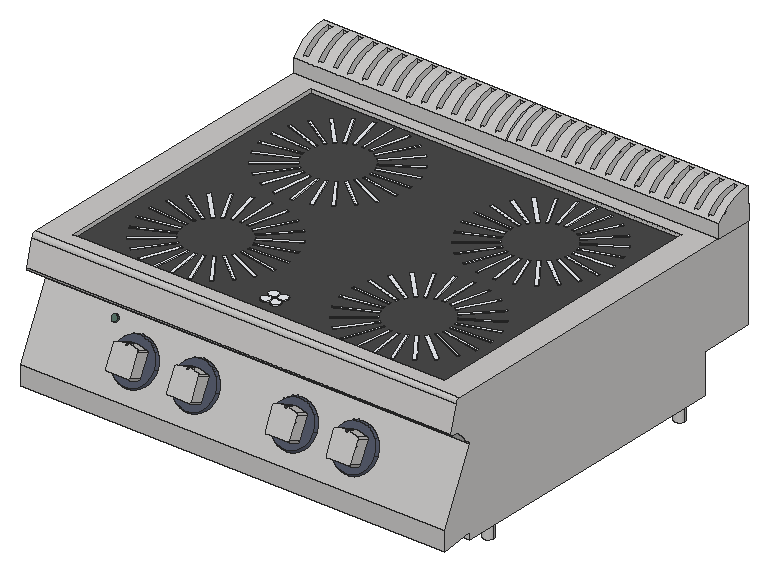
Revit family "QF_ZANUSSI_372025_Z7IREH4000", category Specialty Equipment, Revit 2018 (continued)
Automatic sketch dimensions
  Extrusion 37 sketch curve to Extrusion 37 sketch curve = 40.005 mm
  Extrusion 37 sketch curve to Extrusion 37 sketch curve = 5.399 mm
  Extrusion 37 sketch curve to Extrusion 37 sketch curve = 40.037 mm
  Extrusion 37 sketch curve to Extrusion 37 sketch curve = 0.00 mm  (x2)
  Extrusion 38 sketch curve to plane 13 "panel" = 35.00 mm
  Extrusion 38 sketch curve to plane 5 "FRONT" = 9.329 mm
  Extrusion 38 sketch curve to Extrusion 38 sketch curve = 3.00 mm
  Extrusion 38 sketch curve to Extrusion 38 sketch curve = 0.00 mm  (x2)
  Extrusion 38 sketch curve to Extrusion 38 sketch curve = 1.00 mm
  Extrusion 38 sketch curve to Extrusion 38 sketch curve = 15.00 mm
  plane 3 "LEFT" to Extrusion 39 sketch curve = 137.499 mm
  plane 3 "LEFT" to Extrusion 40 sketch curve = 175.00 mm
  Extrusion 40 sketch curve to Extrusion 40 sketch curve = 35.00 mm  (x2)
  Split face 1 sketch curve to Split face 1 sketch curve = 6.00 mm
  Split face 1 sketch curve to Split face 1 sketch curve = 10.00 mm
  Split face 2 sketch curve to Split face 2 sketch curve = 5.00 mm
  Split face 2 sketch curve to Split face 2 sketch curve = 9.00 mm
  Split face 3 sketch curve to Split face 3 sketch curve = 5.00 mm
  Split face 4 sketch curve to Split face 4 sketch curve = 5.00 mm
  Blend 41 sketch curve to plane 7 "Center Y" = 92.50 mm  (x2)
  Extrusion 42 sketch curve to plane 7 "Center Y" = 115.50 mm
  Extrusion 42 sketch curve to Extrusion 42 sketch curve = 2.997 mm  (x3)
  Extrusion 42 sketch curve to Extrusion 42 sketch curve = 20.003 mm  (x2)
  Extrusion 42 sketch curve to Extrusion 42 sketch curve = 40.005 mm
  Extrusion 42 sketch curve to Extrusion 42 sketch curve = 5.399 mm
  Extrusion 42 sketch curve to Extrusion 42 sketch curve = 40.037 mm
  Extrusion 42 sketch curve to Extrusion 42 sketch curve = 0.00 mm  (x2)
  Extrusion 43 sketch curve to plane 7 "Center Y" = 110.00 mm
  Extrusion 43 sketch curve to Extrusion 43 sketch curve = 35.00 mm  (x2)
  Split face 8 sketch curve to Split face 8 sketch curve = 6.00 mm
  Split face 8 sketch curve to Split face 8 sketch curve = 10.00 mm
  Split face 9 sketch curve to Split face 9 sketch curve = 5.00 mm
  Split face 9 sketch curve to Split face 9 sketch curve = 9.00 mm
  Split face 10 sketch curve to Split face 10 sketch curve = 5.00 mm
  Split face 11 sketch curve to Split face 11 sketch curve = 5.00 mm
  Extrusion 44 sketch curve to plane 13 "panel" = 35.00 mm
  Extrusion 44 sketch curve to plane 5 "FRONT" = 9.329 mm
  Extrusion 44 sketch curve to Extrusion 44 sketch curve = 3.00 mm
  Extrusion 44 sketch curve to Extrusion 44 sketch curve = 0.00 mm
  Extrusion 44 sketch curve to Extrusion 44 sketch curve = 1.00 mm  (x2)
  Extrusion 44 sketch curve to Extrusion 44 sketch curve = 15.00 mm
  plane 7 "Center Y" to Blend 45 sketch curve = 92.50 mm  (x2)
  plane 7 "Center Y" to Extrusion 46 sketch curve = 69.50 mm
  Extrusion 46 sketch curve to Extrusion 46 sketch curve = 2.997 mm  (x3)
  Extrusion 46 sketch curve to Extrusion 46 sketch curve = 20.003 mm  (x2)
  Extrusion 46 sketch curve to Extrusion 46 sketch curve = 40.005 mm
  Extrusion 46 sketch curve to Extrusion 46 sketch curve = 5.399 mm
  Extrusion 46 sketch curve to Extrusion 46 sketch curve = 40.037 mm
  Extrusion 46 sketch curve to Extrusion 46 sketch curve = 0.00 mm  (x2)
  Extrusion 47 sketch curve to plane 13 "panel" = 35.00 mm
  Extrusion 47 sketch curve to plane 5 "FRONT" = 9.329 mm
  Extrusion 47 sketch curve to Extrusion 47 sketch curve = 3.00 mm
  Extrusion 47 sketch curve to Extrusion 47 sketch curve = 0.00 mm  (x2)
  Extrusion 47 sketch curve to Extrusion 47 sketch curve = 1.00 mm
  Extrusion 47 sketch curve to Extrusion 47 sketch curve = 15.00 mm
  plane 7 "Center Y" to Extrusion 48 sketch curve = 75.00 mm
  Extrusion 48 sketch curve to Extrusion 48 sketch curve = 35.00 mm  (x2)
  Split face 25 sketch curve to Split face 25 sketch curve = 6.00 mm
  Split face 25 sketch curve to Split face 25 sketch curve = 10.00 mm
  Split face 26 sketch curve to Split face 26 sketch curve = 5.00 mm
  Split face 26 sketch curve to Split face 26 sketch curve = 9.00 mm
  Split face 27 sketch curve to Split face 27 sketch curve = 5.00 mm
  Split face 28 sketch curve to Split face 28 sketch curve = 5.00 mm
  Blend 49 sketch curve to plane 4 "RIGHT" = 192.50 mm  (x2)
  plane 7 "Center Y" to Extrusion 50 sketch curve = 184.50 mm
  Extrusion 50 sketch curve to Extrusion 50 sketch curve = 2.997 mm  (x3)
  Extrusion 50 sketch curve to Extrusion 50 sketch curve = 20.003 mm  (x2)
  Extrusion 50 sketch curve to Extrusion 50 sketch curve = 40.005 mm
  Extrusion 50 sketch curve to Extrusion 50 sketch curve = 5.399 mm
  Extrusion 50 sketch curve to Extrusion 50 sketch curve = 40.037 mm
  Extrusion 50 sketch curve to Extrusion 50 sketch curve = 0.00 mm  (x2)
  plane 7 "Center Y" to Extrusion 51 sketch curve = 190.00 mm
  Extrusion 51 sketch curve to Extrusion 51 sketch curve = 35.00 mm  (x2)
  Split face 32 sketch curve to Split face 32 sketch curve = 6.00 mm
  Split face 32 sketch curve to Split face 32 sketch curve = 10.00 mm
  Split face 33 sketch curve to Split face 33 sketch curve = 5.00 mm
  Split face 33 sketch curve to Split face 33 sketch curve = 9.00 mm
  Split face 34 sketch curve to Split face 34 sketch curve = 5.00 mm
  Split face 35 sketch curve to Split face 35 sketch curve = 5.00 mm
  Extrusion 52 sketch curve to plane 13 "panel" = 35.00 mm
  Extrusion 52 sketch curve to plane 5 "FRONT" = 9.329 mm
  Extrusion 52 sketch curve to Extrusion 52 sketch curve = 3.00 mm
  Extrusion 52 sketch curve to Extrusion 52 sketch curve = 0.00 mm
  Extrusion 52 sketch curve to Extrusion 52 sketch curve = 1.00 mm  (x2)
  Extrusion 52 sketch curve to Extrusion 52 sketch curve = 15.00 mm
  plane 7 "Center Y" to Extrusion 53 sketch curve = 9.00 mm
  plane 11 to Extrusion 53 sketch curve = 9.00 mm
  plane 7 "Center Y" to Extrusion 54 sketch curve = 9.00 mm
  Extrusion 54 sketch curve to plane 11 = 9.00 mm
  Extrusion 55 sketch curve to plane 7 "Center Y" = 9.00 mm
  Extrusion 55 sketch curve to plane 11 = 27.00 mm
  Extrusion 56 sketch curve to plane 7 "Center Y" = 9.00 mm
  plane 11 to Extrusion 56 sketch curve = 27.00 mm
  curve 138 to plane 3 "LEFT" = 0.00 mm
  curve 173 to plane 3 "LEFT" = 0.00 mm
  curve 138 to plane 4 "RIGHT" = 0.00 mm
  plane 3 "LEFT" to curve 140 = 170.309 mm
  curve 140 to curve 143 = 0.774 mm
  curve 140 to curve 141 = 1.846 mm
  curve 143 to curve 142 = 10.309 mm
  curve 140 to curve 144 = 21.322 mm
  curve 144 to curve 153 = 1.738 mm
  curve 150 to curve 152 = 1.071 mm
  curve 149 to curve 165 = 70.617 mm
  curve 165 to curve 168 = 0.774 mm
  curve 165 to curve 166 = 1.846 mm
  curve 168 to curve 167 = 10.309 mm
  curve 165 to curve 169 = 21.322 mm
  curve 169 to curve 160 = 1.738 mm
  curve 167 to curve 158 = 22.215 mm
  curve 157 to curve 159 = 1.071 mm
  plane 7 "Center Y" to curve 175 = 70.309 mm
  curve 175 to curve 178 = 0.774 mm
  curve 175 to curve 176 = 1.846 mm
  curve 178 to curve 177 = 10.309 mm
  curve 175 to curve 179 = 21.322 mm
  curve 179 to curve 188 = 1.738 mm
  curve 185 to curve 187 = 1.071 mm
  curve 184 to curve 200 = 70.617 mm
  curve 200 to curve 203 = 0.774 mm
  curve 200 to curve 201 = 1.846 mm
  curve 203 to curve 202 = 10.309 mm
  curve 200 to curve 204 = 21.322 mm
  curve 204 to curve 195 = 1.738 mm
  curve 192 to curve 194 = 1.071 mm
  plane 5 "FRONT" to curve 169 = 97.519 mm
  curve 153 to curve 169 = 0.00 mm
  curve 169 to curve 188 = 0.00 mm
  curve 144 to curve 153 = 0.00 mm
  curve 188 to curve 204 = 0.00 mm
  curve 169 to curve 160 = 0.00 mm
  curve 179 to curve 188 = 0.00 mm
  curve 204 to curve 195 = 0.00 mm
  curve 200 to curve 191 = 0.00 mm
  curve 165 to curve 156 = 0.00 mm
  curve 184 to curve 200 = 0.00 mm
  curve 175 to curve 184 = 0.00 mm
  curve 140 to curve 149 = 0.00 mm
  curve 150 to curve 152 = 14.462 mm
  curve 185 to curve 187 = 14.462 mm
  curve 157 to curve 159 = 14.462 mm
  curve 167 to curve 158 = 0.00 mm
  curve 142 to curve 151 = 0.00 mm
  curve 202 to curve 193 = 0.00 mm
  curve 177 to curve 186 = 0.00 mm
  curve 142 to curve 143 = 11.392 mm
  curve 140 to curve 140 = 0.809 mm
  curve 140 to curve 140 = 0.277 mm
  curve 143 to curve 143 = 0.284 mm
  curve 141 to curve 154 = 2.465 mm
  curve 143 to curve 145 = 20.417 mm
  curve 145 to curve 146 = 2.00 mm
  curve 154 to curve 149 = 2.189 mm
  curve 152 to curve 153 = 0.284 mm
  curve 149 to curve 149 = 0.277 mm
  curve 149 to curve 149 = 0.809 mm
  curve 153 to curve 151 = 1.299 mm
  curve 148 to curve 151 = 9.809 mm
  curve 167 to curve 168 = 11.392 mm
  curve 166 to curve 165 = 0.277 mm
  curve 169 to curve 168 = 0.284 mm
  curve 166 to curve 170 = 2.465 mm
  curve 168 to curve 169 = 20.417 mm
  curve 163 to curve 161 = 2.00 mm
  curve 157 to curve 156 = 2.189 mm
  curve 159 to curve 159 = 0.284 mm
  curve 156 to curve 156 = 0.277 mm
  curve 156 to curve 156 = 0.809 mm
  curve 160 to curve 158 = 1.299 mm
  curve 155 to curve 158 = 9.809 mm
  curve 177 to curve 178 = 11.392 mm
  curve 176 to curve 175 = 0.277 mm
  curve 178 to curve 178 = 0.284 mm
  curve 176 to curve 189 = 2.465 mm
  curve 178 to curve 181 = 20.417 mm
  curve 179 to curve 188 = 2.00 mm
  curve 185 to curve 184 = 2.189 mm
  curve 187 to curve 188 = 0.284 mm
  curve 184 to curve 185 = 0.277 mm
  curve 184 to curve 184 = 0.809 mm
  curve 188 to curve 186 = 1.299 mm
  curve 183 to curve 186 = 9.809 mm
  curve 202 to curve 203 = 11.392 mm
  curve 199 to curve 200 = 0.809 mm
  curve 201 to curve 200 = 0.277 mm
  curve 204 to curve 203 = 0.284 mm
  curve 200 to curve 201 = 2.465 mm
  curve 203 to curve 204 = 20.417 mm
  curve 204 to curve 195 = 2.00 mm
  curve 192 to curve 191 = 2.189 mm
  curve 194 to curve 195 = 0.284 mm
  curve 191 to curve 191 = 0.277 mm
  curve 195 to curve 193 = 1.299 mm
  curve 191 to curve 191 = 0.809 mm
  curve 190 to curve 193 = 9.809 mm
  plane 4 "RIGHT" to curve 207 = 0.05 mm
  curve 154 to curve 149 = 0.573 mm
  curve 157 to curve 156 = 0.573 mm
  curve 205 to curve 191 = 0.573 mm
  curve 176 to curve 175 = 0.573 mm
  curve 185 to curve 184 = 0.573 mm
  curve 166 to curve 165 = 0.573 mm
  curve 190 to curve 207 = 9.347 mm
  curve 141 to curve 173 = 6.567 mm
  curve 185 to curve 206 = 6.567 mm
  curve 176 to curve 172 = 6.567 mm
  curve 166 to curve 171 = 6.567 mm
  curve 152 to curve 152 = 0.567 mm
  curve 187 to curve 187 = 0.567 mm
  curve 178 to curve 178 = 0.567 mm
  curve 168 to curve 168 = 0.567 mm
  curve 194 to curve 194 = 0.567 mm
  curve 159 to curve 159 = 0.567 mm
  curve 143 to curve 143 = 0.567 mm
  curve 203 to curve 203 = 0.567 mm
  curve 187 to curve 182 = 1.435 mm
  curve 203 to curve 198 = 1.435 mm
  curve 159 to curve 161 = 1.435 mm
  curve 143 to curve 146 = 1.435 mm
  curve 195 to curve 193 = 1.156 mm
  curve 144 to curve 142 = 1.156 mm
  curve 160 to curve 158 = 1.156 mm
  curve 169 to curve 167 = 1.156 mm
  curve 153 to curve 151 = 1.156 mm
  curve 204 to curve 202 = 1.156 mm
  curve 179 to curve 177 = 1.156 mm
  curve 188 to curve 186 = 1.156 mm
  curve 153 to curve 147 = 3.441 mm
  curve 151 to curve 148 = 4.292 mm
  curve 142 to curve 139 = 4.292 mm
  curve 195 to curve 196 = 3.441 mm
  curve 193 to curve 190 = 4.292 mm
  curve 202 to curve 199 = 4.292 mm
  curve 158 to curve 155 = 4.292 mm
  curve 186 to curve 183 = 4.292 mm
  curve 188 to curve 182 = 3.441 mm
  curve 167 to curve 164 = 4.292 mm
  curve 169 to curve 163 = 3.441 mm
  curve 177 to curve 174 = 4.292 mm
  curve 16 to Extrusion 2 = 0.00 mm  (x3)
  curve 15 to Extrusion 2 = 0.00 mm
  Extrusion 2 to curve 83 = 8.705 mm
  curve 78 to curve 83 = 18.547 mm
  curve 75 to curve 77 = 9.296 mm
  curve 85 to Extrusion 2 = 0.591 mm
  curve 13 to Extrusion 2 = 11.994 mm
  curve 84 to curve 88 = 18.547 mm
  curve 13 to curve 13 = 11.495 mm
  curve 87 to curve 88 = 9.296 mm
  curve 88 to curve 91 = 18.547 mm
  curve 91 to curve 93 = 9.296 mm
  curve 92 to curve 96 = 18.547 mm
  curve 95 to curve 96 = 9.296 mm
  curve 96 to curve 100 = 18.547 mm
  curve 99 to curve 100 = 9.296 mm
  curve 101 to curve 103 = 18.547 mm
  curve 103 to curve 104 = 9.296 mm
  curve 104 to curve 107 = 18.547 mm
  curve 107 to curve 109 = 9.296 mm
  curve 109 to curve 114 = 18.547 mm
  curve 111 to curve 114 = 9.296 mm
  curve 112 to curve 115 = 18.547 mm
  curve 115 to curve 118 = 9.296 mm
  curve 117 to curve 119 = 18.547 mm
  curve 119 to curve 122 = 9.296 mm
  curve 120 to curve 123 = 18.547 mm
  curve 123 to curve 125 = 9.296 mm
  curve 124 to curve 127 = 18.547 mm
  curve 127 to curve 129 = 9.296 mm
  curve 129 to curve 79 = 18.547 mm
  curve 79 to curve 80 = 9.296 mm
  curve 80 to curve 25 = 30.603 mm
  curve 24 to curve 24 = 9.296 mm
  curve 23 to curve 73 = 18.547 mm
  curve 73 to curve 71 = 9.296 mm
  curve 71 to curve 68 = 18.547 mm
  curve 68 to curve 67 = 9.296 mm
  curve 67 to curve 64 = 18.547 mm
  curve 65 to curve 66 = 9.296 mm
  curve 63 to curve 61 = 18.547 mm
  curve 60 to curve 59 = 9.296 mm
  curve 59 to curve 57 = 18.547 mm
  curve 57 to curve 55 = 9.296 mm
  curve 55 to curve 53 = 18.547 mm
  curve 52 to curve 52 = 9.296 mm
  curve 51 to curve 48 = 18.547 mm
  curve 49 to curve 50 = 9.296 mm
  curve 47 to curve 45 = 18.547 mm
  curve 44 to curve 44 = 9.296 mm
  curve 43 to curve 42 = 18.547 mm
  curve 41 to curve 42 = 9.296 mm
  curve 39 to curve 36 = 18.547 mm
  curve 37 to curve 35 = 9.296 mm
  curve 35 to curve 32 = 18.547 mm
  curve 32 to curve 31 = 9.296 mm
  curve 30 to Extrusion 2 = 0.591 mm
  Extrusion 2 to curve 30 = 8.705 mm
  curve 27 to curve 22 = 18.547 mm
  curve 20 to curve 20 = 9.296 mm
  Extrusion 2 to curve 70 = 29.351 mm
  Extrusion 2 to curve 123 = 29.351 mm
  curve 123 to curve 122 = 0.00 mm
  curve 130 to curve 125 = 0.00 mm
  curve 119 to curve 118 = 0.00 mm
  Extrusion 2 to curve 19 = 29.351 mm
  curve 115 to curve 114 = 0.00 mm
  Extrusion 2 to curve 23 = 29.351 mm
  curve 111 to curve 110 = 0.00 mm
  curve 21 to curve 27 = 0.00 mm  (x2)
  curve 107 to curve 106 = 0.00 mm
  curve 29 to curve 31 = 0.00 mm  (x2)
  curve 103 to curve 102 = 0.00 mm
  curve 33 to curve 35 = 0.00 mm  (x2)
  curve 99 to curve 98 = 0.00 mm
  curve 37 to curve 39 = 0.00 mm  (x2)
  curve 95 to curve 94 = 0.00 mm
  curve 41 to curve 43 = 0.00 mm  (x2)
  curve 91 to curve 90 = 0.00 mm
  curve 45 to curve 47 = 0.00 mm  (x2)
  curve 87 to curve 86 = 0.00 mm
  curve 49 to curve 51 = 0.00 mm  (x2)
  curve 82 to curve 129 = 0.00 mm
  curve 53 to curve 55 = 0.00 mm  (x2)
  curve 83 to curve 78 = 0.00 mm
  curve 57 to curve 59 = 0.00 mm  (x2)
  curve 69 to curve 74 = 0.00 mm
  curve 61 to curve 63 = 0.00 mm  (x2)
  curve 67 to curve 67 = 57.15 mm
  curve 128 to curve 129 = 57.15 mm
  curve 65 to curve 67 = 0.00 mm
  curve 68 to curve 71 = 0.00 mm
  curve 75 to curve 75 = 57.15 mm
  curve 79 to curve 128 = 0.00 mm
  curve 83 to curve 76 = 0.00 mm
  curve 87 to curve 84 = 0.00 mm
  curve 91 to curve 88 = 0.00 mm
  curve 95 to curve 92 = 0.00 mm
  curve 99 to curve 96 = 0.00 mm
  curve 103 to curve 100 = 0.00 mm
  curve 107 to curve 104 = 0.00 mm
  curve 111 to curve 108 = 0.00 mm
  curve 72 to curve 25 = 0.00 mm
  curve 115 to curve 112 = 0.00 mm
  curve 119 to curve 116 = 0.00 mm
  curve 123 to curve 120 = 0.00 mm
  curve 14 to Extrusion 2 = 263.642 mm
  curve 11 to curve 12 = 32.256 mm
  curve 81 to curve 131 = 13.664 mm
  curve 131 to curve 132 = 3.175 mm
  curve 81 to curve 131 = 5.939 mm
  curve 132 to curve 131 = 0.00 mm  (x2)
  curve 131 to curve 80 = 6.761 mm
  Extrusion 1 sketch curve to plane 8 "Center X" = 357.50 mm
  Extrusion 1 sketch curve to plane 6 "TOP" = 110.989 mm
  Extrusion 1 sketch curve to plane 8 "Center X" = 342.384 mm
  Extrusion 1 sketch curve to plane 6 "TOP" = 111.816 mm
  Extrusion 1 sketch curve to Extrusion 1 sketch curve = 2.884 mm
  Extrusion 1 sketch curve to Extrusion 1 sketch curve = 13.051 mm
  Extrusion 1 sketch curve to Extrusion 1 sketch curve = 10.198 mm
  Extrusion 1 sketch curve to Extrusion 1 sketch curve = 7.474 mm
  Extrusion 1 sketch curve to Extrusion 1 sketch curve = 56.355 mm
  Extrusion 1 sketch curve to Extrusion 1 sketch curve = 0.445 mm
  Extrusion 1 sketch curve to Extrusion 1 sketch curve = 3.20 mm
  Extrusion 1 sketch curve to plane 10 "TOP A" = 88.636 mm
  Extrusion 1 sketch curve to Extrusion 1 sketch curve = 31.82 mm
  plane 1 "BACK" to Extrusion 1 sketch curve = 103.00 mm
  Extrusion 1 sketch curve to plane 6 "TOP" = 58.00 mm
  Extrusion 1 sketch curve to Extrusion 1 sketch curve = 103.00 mm
  Extrusion 1 sketch curve to plane 10 "TOP A" = 176.00 mm
  Extrusion 1 sketch curve to plane 10 "TOP A" = 209.492 mm
  Extrusion 1 sketch curve to Extrusion 1 sketch curve = 27.08 mm
  Extrusion 1 sketch curve to Extrusion 1 sketch curve = 35.00 mm
  Extrusion 1 sketch curve to Extrusion 1 sketch curve = 74.00 mm
  radius of Extrusion 3 sketch curve = 9.525 mm  (x4)
  radius of Extrusion 4 sketch curve = 12.70 mm
  radius of Blend 36 sketch curve = 42.50 mm
  radius of Blend 36 sketch curve = 40.50 mm
  radius of Extrusion 39 sketch curve = 6.00 mm
  radius of Split face 5 sketch curve = 2.029 mm
  radius of Split face 6 sketch curve = 1.50 mm
  radius of Blend 41 sketch curve = 42.50 mm
  radius of Blend 41 sketch curve = 40.50 mm
  radius of Split face 7 sketch curve = 1.50 mm
  radius of Split face 12 sketch curve = 2.031 mm
  radius of Split face 13 sketch curve = 1.50 mm
  radius of Split face 14 sketch curve = 1.50 mm
  radius of Split face 15 sketch curve = 1.50 mm
  radius of Split face 16 sketch curve = 1.50 mm
  radius of Split face 17 sketch curve = 1.50 mm
  radius of Split face 18 sketch curve = 1.50 mm
  radius of Split face 19 sketch curve = 1.50 mm
  radius of Split face 20 sketch curve = 1.50 mm
  radius of Split face 21 sketch curve = 1.50 mm
  radius of Split face 22 sketch curve = 1.50 mm
  radius of Split face 23 sketch curve = 1.50 mm
  radius of Split face 24 sketch curve = 1.50 mm
  radius of Blend 45 sketch curve = 42.50 mm
  radius of Blend 45 sketch curve = 40.50 mm
  radius of Split face 29 sketch curve = 2.029 mm
  radius of Split face 30 sketch curve = 1.50 mm
  radius of Blend 49 sketch curve = 42.50 mm
  radius of Blend 49 sketch curve = 40.50 mm
  radius of Split face 31 sketch curve = 1.50 mm
  radius of Split face 36 sketch curve = 2.031 mm
  radius of Split face 37 sketch curve = 1.50 mm
  radius of Split face 38 sketch curve = 1.50 mm
  radius of Split face 39 sketch curve = 1.50 mm
  radius of Split face 40 sketch curve = 1.50 mm
  radius of Split face 41 sketch curve = 1.50 mm
  radius of Split face 42 sketch curve = 1.50 mm
  radius of Split face 43 sketch curve = 1.50 mm
  radius of Split face 44 sketch curve = 1.50 mm
  radius of Split face 45 sketch curve = 1.50 mm
  radius of Split face 46 sketch curve = 1.50 mm
  radius of Split face 47 sketch curve = 1.50 mm
  radius of Split face 48 sketch curve = 1.50 mm
  radius of Extrusion 53 sketch curve = 9.00 mm
  radius of Extrusion 54 sketch curve = 9.00 mm
  radius of Extrusion 55 sketch curve = 9.00 mm
  radius of Extrusion 56 sketch curve = 9.00 mm
Nested families
  nested 1: "QF_372025_INDUCTION BURNER" at (79.771, -98.911, 266.887), type "QF_372025_INDUCTION BURNER"
    with Type Mark "", Status "", Specification by User "", Revision Code "", Item Number "", Installed By "", Identify Quantity as Lot yes, Furnished By "", Foodservice Equipment Identifier yes
  nested 2: "QF_372025_INDUCTION BURNER" at (461.843, -98.911, 266.887), type "QF_372025_INDUCTION BURNER"
    with Type Mark "", Status "", Specification by User "", Revision Code "", Item Number "", Installed By "", Identify Quantity as Lot yes, Furnished By "", Foodservice Equipment Identifier yes
  nested 3: "QF_372025_INDUCTION BURNER" at (461.843, -386.411, 266.887), type "QF_372025_INDUCTION BURNER"
    with Type Mark "", Status "", Specification by User "", Revision Code "", Item Number "", Installed By "", Identify Quantity as Lot yes, Furnished By "", Foodservice Equipment Identifier yes
  nested 4: "QF_372025_INDUCTION BURNER" at (79.771, -386.411, 266.887), type "QF_372025_INDUCTION BURNER"
    with Type Mark "", Status "", Specification by User "", Revision Code "", Item Number "", Installed By "", Identify Quantity as Lot yes, Furnished By "", Foodservice Equipment Identifier yes
Connectors
  electrical at (748, -88.9, 57.906), driven by "Volts", driven by "Watts"
    settings: on Extrusion 4, index 1, voltage 400 V, apparent load 8800 VA, apparent load phase1 0 VA, apparent load phase2 0 VA, apparent load phase3 0 VA, power factor 1, load classification "Other", number of poles 1, system type 30, power factor state 1, is connector primary yes, connector utility no, sub classification motor no, connector description "Electrical Connection"
Definition of nested family "QF_372025_INDUCTION BURNER"
  Parameters
    Weight in Pounds = 0
    URL Cutsheet = ""
    Type Mark [instance] = ""
    Status [instance] = ""
    Specification by User [instance] = ""
    Specification by Manufacturer = ""
    Serial Number = ""
    Seismic Rating = ""
    SMACNA No = ""
    Revision Code [instance] = ""
    Omniclass Number and Title = ""
    NAFEM Spec ID Number = ""
    Masterspec = ""
    Item Number [instance] = ""
    Installed By [instance] = ""
    Identify Quantity as Lot [instance] = yes
    Furnished By [instance] = ""
    Foodservice Equipment Identifier [instance] = yes
    CSI MasterFormat = ""
    CSI Master Format = ""
    Assembly Code = ""
  Reference planes
    plane 1 "BACK": y = 0
    plane 2: z = 0
    plane 3 "LEFT": x = 0
    plane 4 "RIGHT": x = 263
    plane 5 "FRONT": y = -263
    plane 6 "TOP": z = 0.794
    plane 7 "Center Y": x = 131.5
    plane 8 "Center X": y = -131.5
  Forms (mm)
    Extrusion 1, solid
      sketch origin (0, 0, 0) x (1, 0, 0) y (0, 1, 0)
        loop
          line (134, -73.314) -> (134, 0) -> (129, 0) -> (129, -73.314) -> (134, -73.314)
        loop
          line (119.451, -74.521) -> (101.219, -3.51) -> (96.376, -4.753) -> (114.608, -75.764) -> (119.451, -74.521)
        loop
          line (105.66, -79.307) -> (70.34, -15.061) -> (65.959, -17.47) -> (101.278, -81.716) -> (105.66, -79.307)
        loop
          line (93.492, -87.373) -> (43.304, -33.929) -> (39.66, -37.352) -> (89.847, -90.796) -> (93.492, -87.373)
        loop
          line (83.712, -98.212) -> (21.81, -58.928) -> (19.131, -63.15) -> (81.033, -102.433) -> (83.712, -98.212)
        loop
          line (5.664, -93.242) -> (75.39, -115.897) -> (76.935, -111.142) -> (7.209, -88.487) -> (5.664, -93.242)
        loop
          line (73.586, -125.351) -> (0.416, -120.748) -> (0.103, -125.738) -> (73.272, -130.342) -> (73.586, -125.351)
        loop
          line (73.876, -139.947) -> (1.861, -153.685) -> (2.798, -158.596) -> (74.813, -144.859) -> (73.876, -139.947)
        loop
          line (77.788, -154.012) -> (11.451, -185.228) -> (13.58, -189.752) -> (79.916, -158.536) -> (77.788, -154.012)
        loop
          line (85.074, -166.663) -> (28.584, -213.395) -> (31.771, -217.248) -> (88.261, -170.515) -> (85.074, -166.663)
        loop
          line (95.277, -177.104) -> (52.184, -236.416) -> (56.229, -239.355) -> (99.322, -180.043) -> (95.277, -177.104)
        loop
          line (107.756, -184.679) -> (80.767, -252.845) -> (85.416, -254.686) -> (112.405, -186.52) -> (107.756, -184.679)
        loop
          line (121.727, -188.914) -> (112.538, -261.65) -> (117.499, -262.276) -> (126.688, -189.54) -> (121.727, -188.914)
        loop
          line (143.549, -74.521) -> (148.392, -75.764) -> (166.624, -4.753) -> (161.781, -3.51) -> (143.549, -74.521)
        loop
          line (157.34, -79.307) -> (161.722, -81.716) -> (197.041, -17.47) -> (192.66, -15.061) -> (157.34, -79.307)
        loop
          line (169.508, -87.373) -> (173.153, -90.796) -> (223.34, -37.352) -> (219.696, -33.929) -> (169.508, -87.373)
        loop
          line (179.288, -98.212) -> (181.967, -102.433) -> (243.869, -63.15) -> (241.19, -58.928) -> (179.288, -98.212)
        loop
          line (257.336, -93.242) -> (255.791, -88.487) -> (186.065, -111.142) -> (187.61, -115.897) -> (257.336, -93.242)
        loop
          line (189.414, -125.351) -> (189.728, -130.342) -> (262.897, -125.738) -> (262.584, -120.748) -> (189.414, -125.351)
        loop
          line (189.124, -139.947) -> (188.187, -144.859) -> (260.202, -158.596) -> (261.139, -153.685) -> (189.124, -139.947)
        loop
          line (185.212, -154.012) -> (183.084, -158.536) -> (249.42, -189.752) -> (251.549, -185.228) -> (185.212, -154.012)
        loop
          line (177.926, -166.663) -> (174.739, -170.515) -> (231.229, -217.248) -> (234.416, -213.395) -> (177.926, -166.663)
        loop
          line (167.723, -177.104) -> (163.678, -180.043) -> (206.771, -239.355) -> (210.816, -236.416) -> (167.723, -177.104)
        loop
          line (155.244, -184.679) -> (150.595, -186.52) -> (177.584, -254.686) -> (182.233, -252.845) -> (155.244, -184.679)
        loop
          line (141.273, -188.914) -> (136.312, -189.54) -> (145.501, -262.276) -> (150.462, -261.65) -> (141.273, -188.914)
      from 0 to 0.8
  Lines and regions (mm)
    symbolic lines
      curve 1: line (134, -73.314, 0) -> (134, 0, 0)
      curve 2: line (134, 0, 0) -> (129, 0, 0)
      curve 3: line (129, 0, 0) -> (129, -73.314, 0)
      curve 4: line (129, -73.314, 0) -> (134, -73.314, 0)
      curve 5: line (148.392, -75.764, 0) -> (166.624, -4.753, 0)
      curve 6: line (166.624, -4.753, 0) -> (161.781, -3.51, 0)
      curve 7: line (161.781, -3.51, 0) -> (143.549, -74.521, 0)
      curve 8: line (143.549, -74.521, 0) -> (148.392, -75.764, 0)
      curve 9: line (119.451, -74.521, 0) -> (101.219, -3.51, 0)
      curve 10: line (101.219, -3.51, 0) -> (96.376, -4.753, 0)
      curve 11: line (96.376, -4.753, 0) -> (114.608, -75.764, 0)
      curve 12: line (114.608, -75.764, 0) -> (119.451, -74.521, 0)
      curve 13: line (105.66, -79.307, 0) -> (70.34, -15.061, 0)
      curve 14: line (70.34, -15.061, 0) -> (65.959, -17.47, 0)
      curve 15: line (65.959, -17.47, 0) -> (101.278, -81.716, 0)
      curve 16: line (101.278, -81.716, 0) -> (105.66, -79.307, 0)
      curve 17: line (93.492, -87.373, 0) -> (43.304, -33.929, 0)
      curve 18: line (43.304, -33.929, 0) -> (39.66, -37.352, 0)
      curve 19: line (39.66, -37.352, 0) -> (89.847, -90.796, 0)
      curve 20: line (89.847, -90.796, 0) -> (93.492, -87.373, 0)
      curve 21: line (83.712, -98.212, 0) -> (21.81, -58.928, 0)
      curve 22: line (21.81, -58.928, 0) -> (19.131, -63.15, 0)
      curve 23: line (19.131, -63.15, 0) -> (81.033, -102.433, 0)
      curve 24: line (81.033, -102.433, 0) -> (83.712, -98.212, 0)
      curve 25: line (76.935, -111.142, 0) -> (7.209, -88.487, 0)
      curve 26: line (7.209, -88.487, 0) -> (5.664, -93.242, 0)
      curve 27: line (5.664, -93.242, 0) -> (75.39, -115.897, 0)
      curve 28: line (75.39, -115.897, 0) -> (76.935, -111.142, 0)
      curve 29: line (73.586, -125.351, 0) -> (0.416, -120.748, 0)
      curve 30: line (0.416, -120.748, 0) -> (0.103, -125.738, 0)
      curve 31: line (0.103, -125.738, 0) -> (73.272, -130.342, 0)
      curve 32: line (73.272, -130.342, 0) -> (73.586, -125.351, 0)
      curve 33: line (73.876, -139.947, 0) -> (1.861, -153.685, 0)
      curve 34: line (1.861, -153.685, 0) -> (2.798, -158.596, 0)
      curve 35: line (2.798, -158.596, 0) -> (74.813, -144.859, 0)
      curve 36: line (74.813, -144.859, 0) -> (73.876, -139.947, 0)
      curve 37: line (77.788, -154.012, 0) -> (11.451, -185.228, 0)
      curve 38: line (11.451, -185.228, 0) -> (13.58, -189.752, 0)
      curve 39: line (13.58, -189.752, 0) -> (79.916, -158.536, 0)
      curve 40: line (79.916, -158.536, 0) -> (77.788, -154.012, 0)
      curve 41: line (85.074, -166.663, 0) -> (28.584, -213.395, 0)
      curve 42: line (28.584, -213.395, 0) -> (31.771, -217.248, 0)
      curve 43: line (31.771, -217.248, 0) -> (88.261, -170.515, 0)
      curve 44: line (88.261, -170.515, 0) -> (85.074, -166.663, 0)
      curve 45: line (95.277, -177.104, 0) -> (52.184, -236.416, 0)
      curve 46: line (52.184, -236.416, 0) -> (56.229, -239.355, 0)
      curve 47: line (56.229, -239.355, 0) -> (99.322, -180.043, 0)
      curve 48: line (99.322, -180.043, 0) -> (95.277, -177.104, 0)
      curve 49: line (107.756, -184.679, 0) -> (80.767, -252.845, 0)
      curve 50: line (80.767, -252.845, 0) -> (85.416, -254.686, 0)
      curve 51: line (85.416, -254.686, 0) -> (112.405, -186.52, 0)
      curve 52: line (112.405, -186.52, 0) -> (107.756, -184.679, 0)
      curve 53: line (121.727, -188.914, 0) -> (112.538, -261.65, 0)
      curve 54: line (112.538, -261.65, 0) -> (117.499, -262.276, 0)
      curve 55: line (117.499, -262.276, 0) -> (126.688, -189.54, 0)
      curve 56: line (126.688, -189.54, 0) -> (121.727, -188.914, 0)
      curve 57: line (136.312, -189.54, 0) -> (145.501, -262.276, 0)
      curve 58: line (145.501, -262.276, 0) -> (150.462, -261.65, 0)
      curve 59: line (150.462, -261.65, 0) -> (141.273, -188.914, 0)
      curve 60: line (141.273, -188.914, 0) -> (136.312, -189.54, 0)
      curve 61: line (150.595, -186.52, 0) -> (177.584, -254.686, 0)
      curve 62: line (177.584, -254.686, 0) -> (182.233, -252.845, 0)
      curve 63: line (182.233, -252.845, 0) -> (155.244, -184.679, 0)
      curve 64: line (155.244, -184.679, 0) -> (150.595, -186.52, 0)
      curve 65: line (163.678, -180.043, 0) -> (206.771, -239.355, 0)
      curve 66: line (206.771, -239.355, 0) -> (210.816, -236.416, 0)
      curve 67: line (210.816, -236.416, 0) -> (167.723, -177.104, 0)
      curve 68: line (167.723, -177.104, 0) -> (163.678, -180.043, 0)
      curve 69: line (174.739, -170.515, 0) -> (231.229, -217.248, 0)
      curve 70: line (231.229, -217.248, 0) -> (234.416, -213.395, 0)
      curve 71: line (234.416, -213.395, 0) -> (177.926, -166.663, 0)
      curve 72: line (177.926, -166.663, 0) -> (174.739, -170.515, 0)
      curve 73: line (183.084, -158.536, 0) -> (249.42, -189.752, 0)
      curve 74: line (249.42, -189.752, 0) -> (251.549, -185.228, 0)
      curve 75: line (251.549, -185.228, 0) -> (185.212, -154.012, 0)
      curve 76: line (185.212, -154.012, 0) -> (183.084, -158.536, 0)
      curve 77: line (188.187, -144.859, 0) -> (260.202, -158.596, 0)
      curve 78: line (260.202, -158.596, 0) -> (261.139, -153.685, 0)
      curve 79: line (261.139, -153.685, 0) -> (189.124, -139.947, 0)
      curve 80: line (189.124, -139.947, 0) -> (188.187, -144.859, 0)
      curve 81: line (189.728, -130.342, 0) -> (262.897, -125.738, 0)
      curve 82: line (262.897, -125.738, 0) -> (262.584, -120.748, 0)
      curve 83: line (262.584, -120.748, 0) -> (189.414, -125.351, 0)
      curve 84: line (189.414, -125.351, 0) -> (189.728, -130.342, 0)
      curve 85: line (187.61, -115.897, 0) -> (257.336, -93.242, 0)
      curve 86: line (257.336, -93.242, 0) -> (255.791, -88.487, 0)
      curve 87: line (255.791, -88.487, 0) -> (186.065, -111.142, 0)
      curve 88: line (186.065, -111.142, 0) -> (187.61, -115.897, 0)
      curve 89: line (181.967, -102.433, 0) -> (243.869, -63.15, 0)
      curve 90: line (243.869, -63.15, 0) -> (241.19, -58.928, 0)
      curve 91: line (241.19, -58.928, 0) -> (179.288, -98.212, 0)
      curve 92: line (179.288, -98.212, 0) -> (181.967, -102.433, 0)
      curve 93: line (173.153, -90.796, 0) -> (223.34, -37.352, 0)
      curve 94: line (223.34, -37.352, 0) -> (219.696, -33.929, 0)
      curve 95: line (219.696, -33.929, 0) -> (169.508, -87.373, 0)
      curve 96: line (169.508, -87.373, 0) -> (173.153, -90.796, 0)
      curve 97: line (161.722, -81.716, 0) -> (197.041, -17.47, 0)
      curve 98: line (197.041, -17.47, 0) -> (192.66, -15.061, 0)
      curve 99: line (192.66, -15.061, 0) -> (157.34, -79.307, 0)
      curve 100: line (157.34, -79.307, 0) -> (161.722, -81.716, 0)
  Dimensions and locks
    equal spacing: plane 3 "LEFT", plane 7 "Center Y", plane 4 "RIGHT"
    plane 3 "LEFT" to plane 4 "RIGHT" = 263.00 mm
    equal spacing: plane 5 "FRONT", plane 8 "Center X", plane 1 "BACK"
    plane 5 "FRONT" to plane 1 "BACK" = 263.00 mm
    plane 6 "TOP" to level = 0.794 mm
    aligned and locked: level to plane 2
  Automatic sketch dimensions
    plane 1 "BACK" to curve 1 = 0.00 mm
    plane 3 "LEFT" to curve 31 = 0.103 mm
    plane 3 "LEFT" to curve 33 = 1.861 mm
    plane 3 "LEFT" to curve 26 = 5.664 mm
    plane 3 "LEFT" to curve 38 = 11.451 mm
    curve 37 to curve 39 = 2.129 mm
    plane 3 "LEFT" to curve 22 = 19.131 mm
    curve 38 to curve 42 = 15.004 mm
    curve 21 to curve 18 = 17.849 mm
    plane 1 "BACK" to curve 14 = 15.061 mm
    curve 14 to curve 14 = 4.382 mm
    plane 8 "Center X" to curve 32 = 1.158 mm
    curve 32 to curve 29 = 0.314 mm
    curve 31 to curve 36 = 0.604 mm
    curve 33 to plane 8 "Center X" = 8.447 mm
    curve 33 to curve 35 = 0.937 mm
    curve 29 to curve 28 = 1.803 mm
    plane 8 "Center X" to curve 27 = 15.603 mm
    curve 27 to curve 25 = 1.545 mm
    curve 36 to curve 40 = 2.974 mm
    curve 37 to plane 8 "Center X" = 22.512 mm
    curve 25 to curve 23 = 4.098 mm
    curve 23 to curve 21 = 2.679 mm
    curve 39 to curve 41 = 5.157 mm
    curve 49 to curve 51 = 4.649 mm
    curve 50 to plane 5 "FRONT" = 8.314 mm
    curve 41 to curve 44 = 3.187 mm
    curve 21 to curve 19 = 6.135 mm
    curve 19 to curve 17 = 3.645 mm
    curve 43 to curve 45 = 7.016 mm
    curve 45 to curve 47 = 4.045 mm
    curve 10 to curve 9 = 4.843 mm
    plane 1 "BACK" to curve 10 = 3.51 mm
    curve 17 to curve 16 = 7.786 mm
    curve 47 to curve 49 = 8.434 mm
    curve 13 to curve 11 = 8.949 mm
    curve 54 to plane 5 "FRONT" = 0.724 mm
    curve 53 to curve 54 = 4.961 mm
    curve 56 to plane 7 "Center Y" = 4.812 mm
    curve 2 to plane 7 "Center Y" = 2.50 mm
    plane 7 "Center Y" to curve 1 = 2.50 mm
    plane 7 "Center Y" to curve 57 = 4.812 mm
    plane 7 "Center Y" to curve 58 = 14.001 mm
    curve 57 to plane 5 "FRONT" = 0.724 mm
    curve 58 to curve 58 = 4.961 mm
    curve 59 to curve 64 = 9.322 mm
    curve 61 to curve 64 = 4.649 mm
    curve 5 to curve 100 = 8.949 mm
    plane 1 "BACK" to curve 6 = 3.51 mm
    curve 63 to curve 65 = 8.434 mm
    curve 6 to curve 6 = 4.843 mm
    curve 65 to curve 67 = 4.045 mm
    curve 97 to curve 96 = 7.786 mm
    curve 95 to curve 96 = 3.645 mm
    curve 67 to curve 72 = 7.016 mm
    curve 62 to plane 5 "FRONT" = 8.314 mm
    curve 69 to curve 71 = 3.187 mm
    curve 93 to curve 92 = 6.135 mm
    curve 71 to curve 76 = 5.157 mm
    curve 73 to curve 76 = 2.129 mm
    curve 75 to plane 8 "Center X" = 22.512 mm
    curve 89 to curve 88 = 4.098 mm
    plane 8 "Center X" to curve 88 = 15.603 mm
    curve 75 to curve 77 = 2.974 mm
    curve 79 to plane 8 "Center X" = 8.447 mm
    curve 77 to curve 79 = 0.937 mm
    curve 85 to curve 84 = 1.803 mm
    plane 8 "Center X" to curve 84 = 1.158 mm
    curve 83 to curve 84 = 0.314 mm
    plane 1 "BACK" to curve 98 = 15.061 mm
    curve 98 to curve 98 = 4.382 mm
    curve 66 to curve 70 = 20.413 mm
    curve 91 to plane 4 "RIGHT" = 21.81 mm
    curve 90 to curve 90 = 2.679 mm
    curve 74 to plane 4 "RIGHT" = 13.58 mm
    curve 86 to plane 4 "RIGHT" = 7.209 mm
    curve 86 to curve 86 = 1.545 mm
    curve 79 to plane 4 "RIGHT" = 1.861 mm
    curve 82 to plane 4 "RIGHT" = 0.103 mm
    curve 46 to curve 46 = 2.939 mm
    curve 45 to curve 42 = 19.169 mm
    curve 66 to curve 70 = 19.169 mm
    curve 69 to curve 71 = 3.853 mm
    curve 56 to curve 60 = 0.00 mm
    curve 55 to curve 53 = 0.627 mm
    curve 57 to curve 59 = 0.627 mm
    curve 53 to curve 52 = 2.394 mm
    curve 59 to curve 61 = 2.394 mm
    curve 73 to curve 75 = 4.524 mm
    curve 51 to curve 49 = 1.841 mm
    curve 61 to curve 63 = 1.841 mm
    curve 49 to curve 48 = 4.637 mm
    curve 63 to curve 65 = 4.637 mm
    curve 65 to curve 67 = 2.939 mm
    curve 67 to curve 72 = 6.589 mm
    curve 45 to curve 44 = 6.589 mm
    curve 43 to curve 44 = 3.853 mm
    curve 39 to curve 37 = 4.524 mm
    curve 77 to curve 78 = 4.911 mm
    curve 34 to curve 33 = 4.911 mm
    plane 8 "Center X" to curve 31 = 5.762 mm
    plane 8 "Center X" to curve 81 = 5.762 mm
    curve 30 to curve 30 = 4.99 mm
    curve 81 to curve 83 = 4.99 mm
    curve 87 to curve 89 = 8.709 mm
    curve 25 to curve 23 = 8.709 mm
    curve 23 to curve 21 = 4.222 mm
    curve 91 to curve 96 = 7.416 mm
    curve 21 to curve 20 = 7.416 mm
    curve 26 to curve 26 = 4.755 mm
    curve 86 to curve 86 = 4.755 mm
    curve 19 to curve 20 = 3.423 mm
    curve 93 to curve 95 = 3.423 mm
    curve 17 to curve 16 = 5.657 mm
    curve 95 to curve 97 = 5.657 mm
    curve 16 to curve 13 = 2.409 mm
    curve 97 to curve 100 = 2.409 mm
    curve 99 to curve 8 = 3.543 mm
    curve 13 to curve 11 = 3.543 mm
    curve 5 to curve 8 = 1.243 mm
    curve 11 to curve 12 = 1.243 mm
    curve 9 to curve 3 = 1.206 mm
    curve 90 to curve 91 = 4.222 mm
    curve 91 to curve 94 = 21.576 mm
    plane 1 "BACK" to Extrusion 1 sketch curve = 0.00 mm
    plane 3 "LEFT" to Extrusion 1 sketch curve = 0.103 mm
    plane 3 "LEFT" to Extrusion 1 sketch curve = 0.416 mm
    plane 3 "LEFT" to Extrusion 1 sketch curve = 1.861 mm
    plane 3 "LEFT" to Extrusion 1 sketch curve = 2.798 mm
    plane 3 "LEFT" to Extrusion 1 sketch curve = 5.664 mm
    Extrusion 1 sketch curve to Extrusion 1 sketch curve = 1.545 mm  (x2)
    plane 3 "LEFT" to Extrusion 1 sketch curve = 11.451 mm
    Extrusion 1 sketch curve to Extrusion 1 sketch curve = 2.129 mm  (x2)
    plane 3 "LEFT" to Extrusion 1 sketch curve = 19.131 mm
    Extrusion 1 sketch curve to Extrusion 1 sketch curve = 2.679 mm  (x2)
    Extrusion 1 sketch curve to Extrusion 1 sketch curve = 15.004 mm
    Extrusion 1 sketch curve to Extrusion 1 sketch curve = 3.187 mm  (x2)
    Extrusion 1 sketch curve to Extrusion 1 sketch curve = 17.849 mm
    plane 1 "BACK" to Extrusion 1 sketch curve = 33.929 mm
    Extrusion 1 sketch curve to Extrusion 1 sketch curve = 3.645 mm  (x2)
    Extrusion 1 sketch curve to Extrusion 1 sketch curve = 20.413 mm  (x2)
    Extrusion 1 sketch curve to plane 5 "FRONT" = 23.645 mm  (x2)
    Extrusion 1 sketch curve to Extrusion 1 sketch curve = 4.045 mm  (x2)
    Extrusion 1 sketch curve to Extrusion 1 sketch curve = 22.654 mm  (x2)
    plane 1 "BACK" to Extrusion 1 sketch curve = 15.061 mm  (x2)
    Extrusion 1 sketch curve to Extrusion 1 sketch curve = 4.382 mm  (x2)
    plane 8 "Center X" to Extrusion 1 sketch curve = 1.158 mm  (x2)
    Extrusion 1 sketch curve to plane 7 "Center Y" = 58.228 mm
    Extrusion 1 sketch curve to plane 8 "Center X" = 8.447 mm  (x2)
    Extrusion 1 sketch curve to Extrusion 1 sketch curve = 0.604 mm
    plane 8 "Center X" to Extrusion 1 sketch curve = 15.603 mm  (x2)
    Extrusion 1 sketch curve to Extrusion 1 sketch curve = 1.803 mm  (x2)
    Extrusion 1 sketch curve to plane 8 "Center X" = 22.512 mm  (x2)
    Extrusion 1 sketch curve to Extrusion 1 sketch curve = 2.974 mm  (x2)
    Extrusion 1 sketch curve to plane 5 "FRONT" = 10.155 mm
    Extrusion 1 sketch curve to Extrusion 1 sketch curve = 24.538 mm  (x2)
    Extrusion 1 sketch curve to Extrusion 1 sketch curve = 4.098 mm  (x2)
    Extrusion 1 sketch curve to Extrusion 1 sketch curve = 5.157 mm  (x2)
    Extrusion 1 sketch curve to plane 5 "FRONT" = 8.314 mm  (x2)
    Extrusion 1 sketch curve to Extrusion 1 sketch curve = 4.649 mm  (x2)
    Extrusion 1 sketch curve to Extrusion 1 sketch curve = 6.135 mm  (x2)
    Extrusion 1 sketch curve to Extrusion 1 sketch curve = 7.016 mm  (x2)
    plane 1 "BACK" to Extrusion 1 sketch curve = 4.753 mm
    Extrusion 1 sketch curve to Extrusion 1 sketch curve = 26.036 mm  (x2)
    plane 1 "BACK" to Extrusion 1 sketch curve = 3.51 mm  (x2)
    Extrusion 1 sketch curve to Extrusion 1 sketch curve = 4.843 mm  (x2)
    Extrusion 1 sketch curve to Extrusion 1 sketch curve = 7.786 mm  (x2)
    Extrusion 1 sketch curve to Extrusion 1 sketch curve = 8.434 mm  (x2)
    Extrusion 1 sketch curve to plane 5 "FRONT" = 1.35 mm
    Extrusion 1 sketch curve to plane 7 "Center Y" = 18.962 mm
    Extrusion 1 sketch curve to Extrusion 1 sketch curve = 8.949 mm  (x2)
    Extrusion 1 sketch curve to plane 5 "FRONT" = 0.724 mm  (x2)
    Extrusion 1 sketch curve to Extrusion 1 sketch curve = 4.961 mm  (x2)
    Extrusion 1 sketch curve to Extrusion 1 sketch curve = 9.322 mm  (x2)
    Extrusion 1 sketch curve to plane 7 "Center Y" = 2.50 mm
    plane 7 "Center Y" to Extrusion 1 sketch curve = 2.50 mm
    plane 7 "Center Y" to Extrusion 1 sketch curve = 4.812 mm
    Extrusion 1 sketch curve to Extrusion 1 sketch curve = 9.549 mm
    plane 7 "Center Y" to Extrusion 1 sketch curve = 14.001 mm
    Extrusion 1 sketch curve to Extrusion 1 sketch curve = 27.781 mm
    Extrusion 1 sketch curve to Extrusion 1 sketch curve = 27.122 mm
    plane 8 "Center X" to Extrusion 1 sketch curve = 29.067 mm
    plane 8 "Center X" to Extrusion 1 sketch curve = 20.358 mm
    Extrusion 1 sketch curve to plane 8 "Center X" = 13.359 mm
    Extrusion 1 sketch curve to Extrusion 1 sketch curve = 0.937 mm
    plane 8 "Center X" to Extrusion 1 sketch curve = 6.149 mm
    Extrusion 1 sketch curve to Extrusion 1 sketch curve = 0.314 mm
    Extrusion 1 sketch curve to plane 4 "RIGHT" = 21.81 mm
    Extrusion 1 sketch curve to plane 4 "RIGHT" = 13.58 mm
    Extrusion 1 sketch curve to plane 4 "RIGHT" = 7.209 mm
    Extrusion 1 sketch curve to plane 4 "RIGHT" = 2.798 mm
    Extrusion 1 sketch curve to plane 4 "RIGHT" = 0.416 mm
    Extrusion 1 sketch curve to Extrusion 1 sketch curve = 0.627 mm
    Extrusion 1 sketch curve to Extrusion 1 sketch curve = 1.841 mm
    Extrusion 1 sketch curve to Extrusion 1 sketch curve = 2.939 mm  (x2)
    Extrusion 1 sketch curve to Extrusion 1 sketch curve = 19.169 mm  (x2)
    Extrusion 1 sketch curve to Extrusion 1 sketch curve = 3.853 mm  (x2)
    Extrusion 1 sketch curve to Extrusion 1 sketch curve = 23.643 mm  (x2)
    Extrusion 1 sketch curve to plane 8 "Center X" = 27.096 mm
    plane 8 "Center X" to Extrusion 1 sketch curve = 5.762 mm
    Extrusion 1 sketch curve to Extrusion 1 sketch curve = 4.755 mm
    Extrusion 1 sketch curve to Extrusion 1 sketch curve = 8.709 mm
    Extrusion 1 sketch curve to Extrusion 1 sketch curve = 4.222 mm  (x2)
    Extrusion 1 sketch curve to Extrusion 1 sketch curve = 7.416 mm  (x2)
    Extrusion 1 sketch curve to Extrusion 1 sketch curve = 3.423 mm
    Extrusion 1 sketch curve to Extrusion 1 sketch curve = 5.657 mm  (x2)
    Extrusion 1 sketch curve to Extrusion 1 sketch curve = 3.543 mm
    Extrusion 1 sketch curve to Extrusion 1 sketch curve = 1.206 mm
